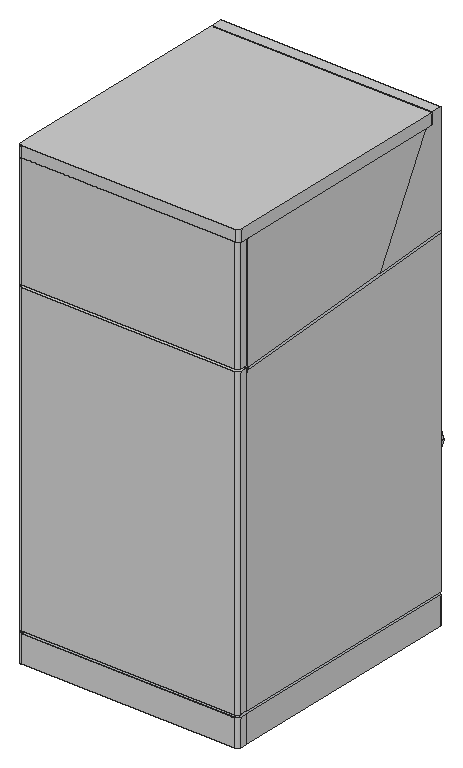
Revit family "Immergas-Ares pro 348", category Attrezzatura meccanica, Revit 2018
Family settings
  Quota connettore circolare = Usa diametro
  Tipo di parte = Normale
  Basato su piano di lavoro = No
  Sempre verticale = Sì
  Taglio con vuoti quando caricato = No
  Condiviso = No
  Punto di calcolo locali = No
Parameters (values of type "Immergas-Ares pro 348")
  yield hvac heating load nominal 30 (%) = 97.41
  yield hvac heating load nominal (%) = 98.11
  cerniere = Immergas - Plastica Nero
  Uniformat code = "D3020"
  Uniformat II Description = "Heat Generating Systems"
  Uniformat = "Heat Generating Systems"
  UDP_88_494_GAS_CONNECTION_DIAMETER = "1.5"
  UDP_334_495_PORTATA_TERMICA = "348"
  Thermal power 80/60°C = 341420 W
  Produttore = "Immergas"
  Product Code = "3.028312"
  Piping volume boiler = 0.34 m³
  Overall Width = 996 mm
  Overall Height = 2130 mm
  Overall Depth = 1273 mm
  Operating Temperature = 90 °C
  Omniclass Description = "HVAC Specific Products and Equipment"
  Nominal Voltage = 230 V
  Nominal Current = 6 A
  Name BIM&CO = "Caldaia"
  Modello = "Immergas-Ares pro 348"
  Masterformat 2014 Description = "Heating, Ventilating, and Air Conditioning (HVAC)"
  MasterFormat = "23 00 00- Heating, Ventilating, and Air Conditioning (HVAC)"
  Mass = 716.00 kg
  Manufacturer Product Link = "https://www.immergas.com/en/product?title=ARES%20PRO%20348"
  Hydraulic Fittings = 2032 mm
  Hot water flow = 0.0 L/s
  Frequency of use = 50 Hz
  Electric Power = 270 W
  ETIM Note = "Residential heating"
  Dimensions of Piping Connectors = 38.1 mm
  Diameter of fume exhaust = 300 mm
  Case = Immergas - Alluminio
Reference planes
  plane 1 "Centro (Fronte/Retro)": y = 0
  plane 2: z = -20.078
  plane 3 "Centro (Sinistra/Destra)": x = 0
Forms (mm)
  Extrusion 1, solid, material "Immergas - Alluminio" <- "Case"
    sketch origin (-14.211, 126.664, -20.078) x (-1, 0, 0) y (0, -1, 0)
      loop
        arc (-497.211, 514.91) -> (-507.817, 510.516) -> (-512.211, 499.91) r 15
        line (-512.211, 499.91) -> (-512.211, 470.647) -> (-507.211, 470.647) -> (-507.211, 466.702) -> (-512.211, 466.702) -> (-512.211, -630.19)
        arc (-512.211, -630.19) -> (-511.188, -632.658) -> (-508.72, -633.681) r 3.491
        line (-508.72, -633.681) -> (-497.211, -633.681) -> (-497.211, -168.631) -> (468.01, -168.631) -> (468.01, -633.681) -> (481.303, -633.681)
        arc (481.303, -633.681) -> (483.772, -632.658) -> (484.794, -630.19) r 3.491
        line (484.794, -630.19) -> (484.794, 466.702) -> (483.021, 466.702) -> (483.021, 470.647) -> (484.797, 470.647) -> (484.797, 499.91)
        arc (484.797, 499.91) -> (480.404, 510.516) -> (469.797, 514.91) r 15
        line (469.797, 514.91) -> (-497.211, 514.91)
    from 17.666 to 139.711
  Extrusion 2, solid
    sketch origin (-14.211, 126.664, -20.078) x (-1, 0, 0) y (0, -1, 0)
      loop
        arc (473.115, 499.91) -> (470.186, 506.981) -> (463.115, 509.91) r 10
        line (463.115, 509.91) -> (-497.681, 509.91)
        arc (-497.681, 509.91) -> (-504.753, 506.981) -> (-507.681, 499.91) r 10
        line (-507.681, 499.91) -> (-507.681, -633.681) -> (-497.681, -633.681) -> (-497.681, 66.664) -> (468.115, 66.664) -> (468.115, -633.681) -> (473.115, -633.681) -> (473.115, 499.91)
    from 122 to 152.633
  Extrusion 3, solid, material "Immergas - Alluminio" <- "Case"
    sketch origin (-14.211, 126.664, -20.078) x (-1, 0, 0) y (0, -1, 0)
      loop
        arc (-497.211, 514.91) -> (-507.817, 510.516) -> (-512.211, 499.91) r 15
        line (-512.211, 499.91) -> (-512.211, 470.647) -> (-507.211, 470.647) -> (-507.211, 466.702) -> (-512.211, 466.702) -> (-512.211, 461.702) -> (484.797, 461.702) -> (484.797, 466.702) -> (483.021, 466.702) -> (483.021, 470.647) -> (484.797, 470.647) -> (484.797, 499.91)
        arc (484.797, 499.91) -> (480.404, 510.516) -> (469.797, 514.91) r 15
        line (469.797, 514.91) -> (-497.211, 514.91)
    from 152.633 to 1544.248
  Extrusion 4, solid, material "Immergas - Alluminio" <- "Case"
    sketch origin (-14.211, 126.664, -20.078) x (-1, 0, 0) y (0, -1, 0)
      loop
        arc (-497.211, 514.91) -> (-507.817, 510.516) -> (-512.211, 499.91) r 15
        line (-512.211, 499.91) -> (-512.211, 470.647) -> (-507.211, 470.647) -> (-507.211, 466.702) -> (-512.211, 466.702) -> (-512.211, 461.702) -> (484.797, 461.702) -> (484.797, 466.702) -> (483.021, 466.702) -> (483.021, 470.647) -> (484.797, 470.647) -> (484.797, 499.91)
        arc (484.797, 499.91) -> (480.404, 510.516) -> (469.797, 514.91) r 15
        line (469.797, 514.91) -> (-497.211, 514.91)
    from 1556.436 to 2071.42
  Extrusion 5, solid, material "Immergas - Alluminio" <- "Case"
    sketch origin (-14.211, 126.664, -20.078) x (-1, 0, 0) y (0, -1, 0)
      loop
        arc (-498.433, 514.91) -> (-509.039, 510.516) -> (-513.433, 499.91) r 15
        line (-513.433, 499.91) -> (-513.433, -578.345)
        arc (-513.433, -578.345) -> (-512.41, -580.814) -> (-509.942, -581.837) r 3.491
        line (-509.942, -581.837) -> (481.306, -581.837)
        arc (481.306, -581.837) -> (483.775, -580.814) -> (484.797, -578.345) r 3.491
        line (484.797, -578.345) -> (484.797, 466.702) -> (484.797, 499.91)
        arc (484.797, 499.91) -> (480.404, 510.516) -> (469.797, 514.91) r 15
        line (469.797, 514.91) -> (-498.433, 514.91)
    from 2073.118 to 2122.118
  Extrusion 6, solid
    sketch origin (-14.211, 126.664, 0) x (-1, 0, 0) y (0, -1, 0)
      loop
        arc (313.789, 499.91) -> (310.86, 506.981) -> (303.789, 509.91) r 10
        line (303.789, 509.91) -> (-332.211, 509.91)
        arc (-332.211, 509.91) -> (-339.282, 506.981) -> (-342.211, 499.91) r 10
        line (-342.211, 499.91) -> (-342.211, -254.597) -> (313.789, -254.597) -> (313.789, 499.91)
    from 2051.342 to 2053.04
  Extrusion 7, solid, material "Immergas - Alluminio" <- "Case"
    sketch origin (0, 0, 0) x (0, 1, 0) y (0, 0, 1)
      loop
        line (-340.038, 1512.207) -> (-340.038, 132.555) -> (760.345, 132.555) -> (760.345, 1589.153) -> (-340.038, 1512.207)
    from -499.008 to 498
  Extrusion 8, solid
    sketch origin (0, 0, 0) x (0, 1, 0) y (0, 0, 1)
      loop
        line (760.345, 1589.153) -> (760.345, 1600.778) -> (-335.038, 1524.181) -> (-335.038, 1512.557) -> (760.345, 1589.153)
    from -479.109 to 498
  Extrusion 9, solid, material "Immergas - Alluminio" <- "Case"
    sketch origin (0, 0, 0) x (0, 1, 0) y (0, 0, 1)
      loop
        line (708.96, 2102.04) -> (417.829, 1576.827) -> (760.345, 1600.778) -> (760.345, 2102.04) -> (708.96, 2102.04)
    from -499.008 to 498
  Extrusion 10, solid, material "Immergas - Alluminio" <- "Case"
    sketch origin (0, 0, 0) x (0, 1, 0) y (0, 0, 1)
      loop
        line (-335.038, 2051.342) -> (-335.038, 1524.181) -> (417.829, 1576.827) -> (680.858, 2051.342) -> (-335.038, 2051.342)
    from -499.008 to 498
  Extrusion 11, void
    sketch origin (0, 760.345, 134.922) x (0, 0, -1) y (1, 0, 0)
      loop
        line (-379.33, 321) -> (-379.33, -317.276) -> (12.922, -317.276) -> (12.922, 321) -> (-379.33, 321)
    from 0 to 334.754
  Sweep 12, solid
    path origin (-83.929, 0, 213.896) x (1, 0, 0) y (0, 0, 1)
      loop
        circle (-265.104, 1733.679) r 50
    profile origin (-349.033, 0, 1897.575) x (0, 0, 1) y (0, -1, 0)
      loop
        circle (0, -768.031) r 1.307
      loop
        circle (5.49, -768.089) r 1.186
      loop
        circle (11.104, -768.089) r 1.186
      loop
        circle (16.717, -768.089) r 1.186
      loop
        circle (22.33, -768.089) r 1.186
      loop
        circle (27.943, -768.089) r 1.186
      loop
        circle (33.557, -768.089) r 1.186
      loop
        circle (-26.758, -768.031) r 1.307
      loop
        circle (-21.267, -768.089) r 1.186
      loop
        circle (-15.654, -768.089) r 1.186
      loop
        circle (-10.041, -768.089) r 1.186
      loop
        circle (-4.427, -768.089) r 1.186
      loop
        circle (-32.368, -768.031) r 1.307
      loop
        circle (-59.126, -768.031) r 1.307
      loop
        circle (-53.635, -768.089) r 1.186
      loop
        circle (-48.022, -768.089) r 1.186
      loop
        circle (-42.409, -768.089) r 1.186
      loop
        circle (-36.796, -768.089) r 1.186
  Extrusion 13, solid
    sketch origin (-77.564, 0, 211.209) x (1, 0, 0) y (0, 0, 1)
      loop
        line (-173.578, 1802.784) -> (-271.402, 1742.954) -> (-360.903, 1813.585) -> (-280.319, 1735.371) -> (-367.602, 1650.639) -> (-271.402, 1728.443) -> (-183.054, 1656.918) -> (-262.486, 1735.371) -> (-173.578, 1802.784)
    from -767.945 to -773.18
  Extrusion 14, solid
    sketch origin (-19.14, 0, 136.839) x (1, 0, 0) y (0, 0, 1)
      loop
        circle (-180.125, 1377.544) r 70
      loop
        circle (-180.125, 1377.544) r 15
      loop
        circle (-178.25, 1425.411) r 5
      loop
        circle (-125.568, 1379.6) r 5
      loop
        circle (-230.361, 1377.882) r 5
      loop
        circle (-179.396, 1329.78) r 5
    from -874.205 to -884.345
  Extrusion 15, solid
    sketch origin (518.671, 0, -713.934) x (1, 0, 0) y (0, 0, 1)
      loop
        circle (-179.571, 1376.687) r 70
      loop
        circle (-179.571, 1376.687) r 15
      loop
        circle (-177.697, 1424.553) r 5
      loop
        circle (-125.014, 1361.472) r 5
      loop
        circle (-229.807, 1377.024) r 5
      loop
        circle (-178.842, 1328.922) r 5
    from -884.345 to -872.228
  Extrusion 16, solid
    sketch origin (0, 0, 72.252) x (1, 0, 0) y (0, 0, 1)
      loop
        line (241, 442) -> (-241, 442)
        arc (-241, 442) -> (-170.413, 271.587) -> (0, 201) r 241
        arc (0, 201) -> (170.413, 271.587) -> (241, 442) r 241
    from -295.295 to -60
  Extrusion 17, solid
    sketch origin (59.439, 153.823, 80.743) x (1, 0, 0) y (0, 0, 1)
      loop
        circle (277.616, 580.172) r 15
      loop
        circle (-258.62, 1433.889) r 15
    from -730.522 to -606.522
  Extrusion 18, solid
    sketch origin (0, 18.026, -17.655) x (1, 0, 0) y (0, -0.052336, 0.99863)
      loop
        circle (1.317, 333.864) r 150
      loop
        circle (1.317, 333.864) r 140
    from -875.918 to -263.972
  Extrusion 19, solid, material "Immergas - Plastica Nero" <- "cerniere"
    sketch origin (0, 0, 3.648) x (0, 1, 0) y (0, 0, 1)
      loop
        line (-351.031, 1401.166) -> (-351.031, 1326.081) -> (-326.031, 1326.081) -> (-326.031, 1401.166) -> (-351.031, 1401.166)
      loop
        line (-350.038, 212.633) -> (-350.038, 152.633) -> (-326.031, 152.633) -> (-326.031, 212.633) -> (-350.038, 212.633)
    from -507 to -499.008
  Extrusion 20, solid
    sketch origin (0, 0, -20.078) x (1, 0, 0) y (0, 1, 0)
      loop
        circle (-424.428, 705.318) r 30
      loop
        circle (432.842, 722.148) r 30
      loop
        circle (-434.661, -295.607) r 30
      loop
        circle (438.403, -298.376) r 30
    from 0 to 17.666
Cuts and joins
  Extrusion 11 cuts Extrusion 7
Dimensions and locks
  locked: Extrusion 2 to Extrusion 1 at 12.922
  locked: Extrusion 6 to Extrusion 4 at 1.697
  Extrusion 5 to Extrusion 1 = 2104.452 mm
  level to nested 1 = 1712 mm
  plane 3 "Centro (Sinistra/Destra)" to nested 1 = 100 mm
  Extrusion 1 to nested 2 = 1741 mm
  nested 2 to plane 3 "Centro (Sinistra/Destra)" = 200 mm
  Extrusion 9 to Extrusion 6 = 1143.591 mm
  cut or joined group of Extrusion 7, Extrusion 11 to Extrusion 15 = 124 mm
  plane 3 "Centro (Sinistra/Destra)" to nested 3 = 200 mm
  Extrusion 1 to nested 3 = 1516.752 mm
  nested 4 to plane 3 "Centro (Sinistra/Destra)" = 336.718 mm
  Extrusion 1 to nested 4 = 663.745 mm
  radius of Extrusion 20 sketch curve = 30 mm
  aligned and locked: level to plane 2
  aligned and locked: Extrusion 3 to Extrusion 2
  aligned and locked: Extrusion 6 to Extrusion 4
  aligned and locked: Extrusion 5 to Extrusion 6
Nested families
  nested 1: "M_Connettore tubazione - Altro - Apparecchi idraulici" at (100, 760.345, 1691.922) x (0, 0, 1) z (0, 1, 0), type "Standard"
    with Spessore 25.4 mm, Raggio nominale 15 mm, Flusso 0.63 L/s, Diametro nominale 30 mm
  nested 2: "M_Connettore tubazione - Altro - Apparecchi idraulici" at (-200, 760.345, 1738.588) x (0, 0, 1) z (0, 1, 0), type "Standard"
    with Spessore 25.4 mm, Raggio nominale 15 mm, Flusso 0.63 L/s, Diametro nominale 30 mm
  nested 3: "M_Connettore tubazione - Altro - Apparecchi idraulici" at (-200, 884.345, 1514.34) x (1, 0, 0) z (0, 1, 0), type "Standard"
    with Spessore 25.4 mm, Raggio nominale 15 mm, Flusso 0.63 L/s, Diametro nominale 30 mm
  nested 4: "M_Connettore tubazione - Altro - Apparecchi idraulici" at (336.718, 884.345, 661.333) x (1, 0, 0) z (0, 1, 0), type "Standard"
    with Spessore 25.4 mm, Raggio nominale 15 mm, Flusso 0.63 L/s, Diametro nominale 30 mm
Connectors
  piping at (-200, 785.745, 1738.588), diameter 12
    settings: on nested 2, index 1, connector inside diameter 609.6 mm, connector length 0 mm, flow factor 0, pipe flow 0.0 L/s, pressure drop 0.0 Pa, fitting loss kfactor 0, connector angle 0.00°, fixture units 0, engagement length 0 mm, angle of deflection 0.00°, flow configuration 0, flow direction 0, fitting loss method 0, system type 22, joint type 0, gender type 0, connector reference index -1, connector utility 0, adjustable connector no, is connector primary yes, connector description "entrata gas"
  piping at (100, 785.745, 1691.922), diameter 12
    settings: on nested 1, index 2, connector inside diameter 609.6 mm, connector length 0 mm, flow factor 0, pipe flow 0.0 L/s, pressure drop 0.0 Pa, fitting loss kfactor 0, connector angle 0.00°, fixture units 0, engagement length 0 mm, angle of deflection 0.00°, flow configuration 0, flow direction 0, fitting loss method 0, system type 22, joint type 0, gender type 0, connector reference index -1, connector utility 0, adjustable connector no, is connector primary no, connector description "attacco vaso espansione"
  piping at (-200, 909.745, 1514.34), diameter 12
    settings: on nested 3, index 4, connector inside diameter 609.6 mm, connector length 0 mm, flow factor 0, pipe flow 0.0 L/s, pressure drop 0.0 Pa, fitting loss kfactor 0, connector angle 0.00°, fixture units 0, engagement length 0 mm, angle of deflection 0.00°, flow configuration 0, flow direction 0, fitting loss method 0, system type 7, joint type 0, gender type 0, connector reference index -1, connector utility 0, adjustable connector no, is connector primary no, connector description ""
  piping at (336.718, 909.745, 661.333), diameter 12
    settings: on nested 4, index 5, connector inside diameter 609.6 mm, connector length 0 mm, flow factor 0, pipe flow 0.0 L/s, pressure drop 0.0 Pa, fitting loss kfactor 0, connector angle 0.00°, fixture units 0, engagement length 0 mm, angle of deflection 0.00°, flow configuration 0, flow direction 0, fitting loss method 0, system type 8, joint type 0, gender type 0, connector reference index -1, connector utility 0, adjustable connector no, is connector primary no, connector description ""
  piping at (-348.908, 773.18, 1944.467), diameter 10
    settings: on Extrusion 13, index 6, connector inside diameter 609.6 mm, connector length 0 mm, flow factor 0, pipe flow 0.0 L/s, pressure drop 0.0 Pa, fitting loss kfactor 0, connector angle 0.00°, fixture units 0, engagement length 0 mm, angle of deflection 0.00°, flow configuration 0, flow direction 0, fitting loss method 0, system type 22, joint type 0, gender type 0, connector reference index -1, connector utility 0, adjustable connector no, is connector primary no, connector description "entrata aria"
  piping at (1.317, 875.27, 361.594), diameter 10
    settings: on Extrusion 18, index 7, connector inside diameter 609.6 mm, connector length 0 mm, flow factor 0, pipe flow 0.0 L/s, pressure drop 0.0 Pa, fitting loss kfactor 0, connector angle 0.00°, fixture units 0, engagement length 0 mm, angle of deflection 0.00°, flow configuration 0, flow direction 0, fitting loss method 0, system type 22, joint type 0, gender type 0, connector reference index -1, connector utility 0, adjustable connector no, is connector primary no, connector description "uscita fumi"
  electrical at (-0.647, 44.331, -2.412)
    settings: on Extrusion 1, index 8, voltage 0 V, apparent load 0 VA, apparent load phase1 0 VA, apparent load phase2 0 VA, apparent load phase3 0 VA, power factor 1, load classification "Altro", number of poles 1, system type 14, power factor state 1, is connector primary yes, connector utility no, sub classification motor no, connector description ""
Definition of nested family "M_Connettore tubazione - Altro - Apparecchi idraulici"
  Parameters (values of type "Standard")
    WFU = 0
    Raggio nominale [instance] = 15 mm
    Diametro nominale [instance] = Raggio nominale * 2  # 30 mm
    Spessore [instance] = 25.4 mm
    HWFU = 0
    Flusso [instance] = 0.63 L/s
    Default Elevation = 0 mm
    CWFU = 0
  Reference planes
    plane 1 "Centro (Fronte/Retro)": y = 0
    plane 2: z = 0
    plane 3 "Centro (Sinistra/Destra)": x = 0
    plane 4: z = 25.4
  Forms (mm)
    Extrusion 1, solid
      sketch origin (0, 0, 0) x (1, 0, 0) y (0, 1, 0)
        loop
          line (-1219.2, 1219.2) -> (-1219.2, -1219.2) -> (1219.2, -1219.2) -> (1219.2, 1219.2) -> (-1219.2, 1219.2)
      from 0 to -304.8
    Extrusion 2, solid
      sketch origin (0, 0, 0) x (1, 0, 0) y (0, 1, 0)
        loop
          circle (0, 0) r 15
      from 0 to 25.4
  Dimensions and locks
    "Spessore": plane 4 to plane 2
    "Raggio nominale": radius of Extrusion 2 sketch curve
    aligned and locked: plane 2 to Extrusion 1
    aligned and locked: level to Extrusion 1
    aligned and locked: plane 1 "Centro (Fronte/Retro)" to Extrusion 2 sketch curve
    aligned and locked: plane 4 to Extrusion 2
  Automatic sketch dimensions
    Extrusion 1 sketch curve to Extrusion 1 sketch curve = 2438.4 mm  (x2)
    Extrusion 2 sketch curve to plane 3 "Centro (Sinistra/Destra)" = 0 mm
  Connectors
    piping at (0, 0, 25.4), diameter 30, driven by "Raggio nominale", driven by "WFU", driven by "Flusso"
      settings: on Extrusion 2, index 1, connector inside diameter 30 mm, connector length 0 mm, flow factor 0, pipe flow 0.63 L/s, pressure drop 0.0 Pa, fitting loss kfactor 0, connector angle 0.00°, fixture units 0, engagement length 0 mm, angle of deflection 0.00°, flow configuration 1, flow direction 1, fitting loss method 0, system type 22, joint type 0, gender type 0, connector reference index -1, connector utility 0, adjustable connector no, is connector primary yes, connector description ""
